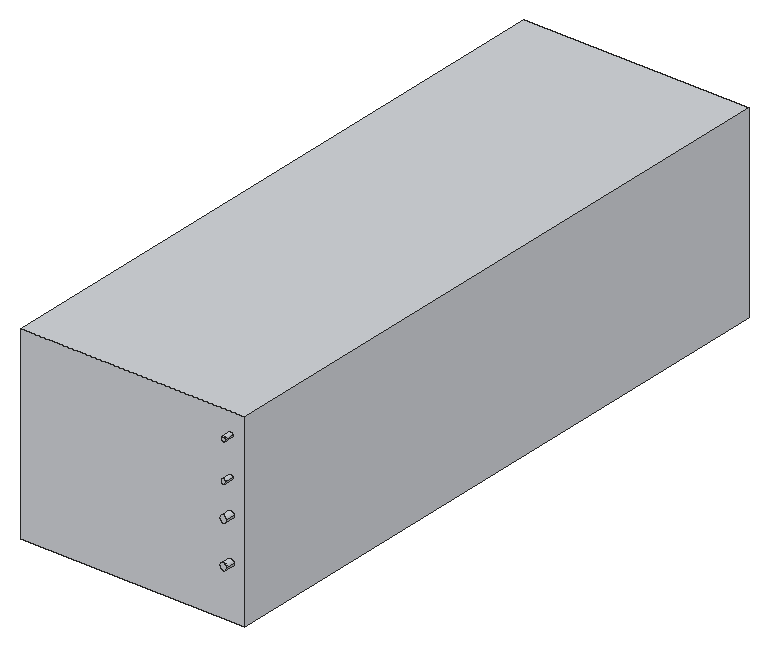
Revit family "1862dedc6857480a9a1291c79c3aff86", category Mechanical Equipment, Revit 2021
Family settings
  Round Connector Dimension = Use Radius
  Part Type = Normal
  OmniClass Number = 23.75.10.21.17
  OmniClass Title = Water-Source Heat Pumps
  Seek Item ID = WSHP - Horizontal - High Efficiency - 2-5 Tons - Left Return - Back Discharge-0000-USA-ENU
  Work Plane-Based = No
  Always vertical = Yes
  Cut with Voids When Loaded = No
  Shared = No
  Room Calculation Point = No
Parameters (values of type "3 Tons")
  Water Supply Radius = 3/8"
  Water Supply Diameter = Water Supply Radius * 2  # 3/4"
  Water Return Radius = 3/8"
  Water Return Diameter = Water Return Radius * 2  # 3/4"
  Water Pressure Drop [instance] = 4.50 psi
  Water Flow [instance] = 9 GPM
  Voltage = 208 V
  Supply Air Width = 17 1/2"
  Supply Air Height = 19"
  Return Air Height = 19 77/256"
  Return Air Width = 36 13/128"
  Pump Width = 5' - 11 51/256"
  Pump Material = none
  Pump Length = 2' - 1 51/128"
  Pump Height = 1' - 9 77/256"
  Number of Poles = 3
  Load Classification = Cooling
  Hot Water Supply Radius = 1/4"
  Hot Water Supply Diameter = Hot Water Supply Radius * 2  # 1/2"
  Hot Water Return Radius = 1/4"
  Hot Water Return Diameter = Hot Water Return Radius * 2  # 1/2"
  Hot Water Flow [instance] = 8 GPM
  Default Elevation = 0' - 0"
  Condensate Radius = 3/8"
  Drain Flow [instance] = 0 GPM
  Condensate Diameter = Condensate Radius * 2  # 3/4"
  C6 Offset 1 = 0' - 2 51/256"
  C5 Offset 2 = 0' - 3 13/128"
  C5 Offset 1 = 0' - 1"
  C4 Offset 1 = 1' - 2 77/128"
  C3 Offset 1 = 1' - 6 115/128"
  C2 Offset 1 = 0' - 10 205/256"
  C1 Offset 1 = 0' - 5 123/128"
  Apparent Load = 5283 VA
  External Static Pressure [instance] = 0.60 in-wg
  Air Flow [instance] = 1200 CFM
Types (5): name | Water Supply Radius | Water Supply Diameter | Water Return Radius | Water Return Diameter | Water Pressure Drop | Water Flow | Supply Air Width | Supply Air Height | Return Air Height | Return Air Width | Pump Width | Pump Length | Pump Height | Hot Water Flow | C5 Offset 2 | C5 Offset 1 | C4 Offset 1 | C3 Offset 1 | C2 Offset 1 | C1 Offset 1 | Apparent Load | External Static Pressure | Air Flow
  (no name) | 3/8" | 3/4" | 3/8" | 3/4" | 4.50 psi | 9 GPM | 17 1/2" | 19" | 19 77/256" | 36 13/128" | 5' - 11 51/256" | 2' - 1 51/128" | 1' - 9 77/256" | 8 GPM | 0' - 3 13/128" | 0' - 1" | 1' - 2 77/128" | 1' - 6 115/128" | 0' - 10 205/256" | 0' - 5 123/128" | 5283 VA | 0.60 in-wg | 1200 CFM
  2 Tons | 3/8" | 3/4" | 3/8" | 3/4" | 3.50 psi | 8 GPM | 15 1/2" | 12 1/2" | 17 77/256" | 32 13/128" | 5' - 2 51/256" | 1' - 10 51/128" | 1' - 7 77/256" | 5 GPM | 0' - 3 77/128" | 0' - 2" | 1' - 1 115/128" | 1' - 4 115/128" | 0' - 10" | 0' - 2 13/128" | 3952 VA | 0.60 in-wg | 800 CFM
  3 Tons | 3/8" | 3/4" | 3/8" | 3/4" | 4.50 psi | 9 GPM | 17 1/2" | 19" | 19 77/256" | 36 13/128" | 5' - 11 51/256" | 2' - 1 51/128" | 1' - 9 77/256" | 8 GPM | 0' - 3 13/128" | 0' - 1" | 1' - 2 77/128" | 1' - 6 115/128" | 0' - 10 205/256" | 0' - 5 123/128" | 5283 VA | 0.60 in-wg | 1200 CFM
  4 Tons | 1/2" | 1" | 1/2" | 1" | 3.60 psi | 12 GPM | 17 1/2" | 19" | 19 77/256" | 41 13/128" | 6' - 4 51/256" | 2' - 1 51/128" | 1' - 9 77/256" | 10 GPM | 0' - 3 13/128" | 0' - 1" | 1' - 3 77/128" | 1' - 6 115/128" | 0' - 10 205/256" | 0' - 5 123/128" | 6780 VA | 0.80 in-wg | 1600 CFM
  5 Tons | 1/2" | 1" | 1/2" | 1" | 3.60 psi | 15 GPM | 17 1/2" | 19" | 19 77/256" | 46 13/128" | 6' - 9 51/256" | 2' - 1 51/128" | 1' - 9 77/256" | 13 GPM | 0' - 3 13/128" | 0' - 1" | 1' - 3 77/128" | 1' - 6 115/128" | 0' - 10 205/256" | 0' - 5 123/128" | 7696 VA | 0.80 in-wg | 2000 CFM
Reference planes (in)
  plane 1 "Center (Front/Back)": y = 0
  plane 2: z = 0
  plane 3 "Center (Left/Right)": x = 0
  plane 4: y = 71.19922
  plane 5: x = 25.39844
  plane 6: z = 21.30078
  plane 7: y = 69
  plane 8: y = 32.89844
  plane 9: z = 10.65039
  plane 10: z = 20.30078
  plane 11: z = 1
  plane 12: x = -1
  plane 13: x = 20.60156
  plane 14: x = 3.10156
  plane 15: z = 1
  plane 16: z = 20
  plane 17: y = 72.19922
  plane 18: z = 3.4
  plane 19: z = 3.4
  plane 20: x = 23.14844
  plane 21: z = 16.30078
  plane 22: x = 1.6
  plane 23: x = 23.79844
  plane 24: z = 5.96094
  plane 25: z = 10.80078
  plane 26: z = 14.60156
  plane 27: z = 18.89844
  plane 28: y = -1
Forms (in)
  Extrusion 1, solid, material <- "Pump Material"
    sketch origin (0, 0, 0) x (1, 0, 0) y (0, 1, 0)
      loop
        line (0, 0) -> (25.39844, 0) -> (25.39844, 71.19922) -> (0, 71.19922) -> (0, 0)
    from 0 to 21.30078
  Extrusion 2, solid, material <- "Pump Material"
    sketch origin (0, 0, 0) x (0, 1, 0) y (0, 0, 1)
      loop
        line (69, 1) -> (69, 20.30078) -> (32.89844, 20.30078) -> (32.89844, 1) -> (69, 1)
    from -1 to 0
  Extrusion 3, solid, material <- "Pump Material"
    sketch origin (0, 0, 0) x (1, 0, 0) y (0, 0, 1)
      loop
        line (20.60156, 20) -> (3.10156, 20) -> (3.10156, 1) -> (20.60156, 1) -> (20.60156, 20)
    from -72.19922 to -71.19922
  Extrusion 4, solid, material <- "Pump Material"
    sketch origin (0, 0, 0) x (1, 0, 0) y (0, 0, 1)
      loop
        circle (23.14844, 3.4) r 0.375
    from -72.19922 to -71.19922
  Extrusion 5, solid, material <- "Pump Material"
    sketch origin (0, 0, 0) x (1, 0, 0) y (0, 0, 1)
      loop
        circle (1.6, 16.30078) r 1
    from -2.46248 to 0
  Extrusion 6, solid, material <- "Pump Material"
    sketch origin (0, 0, 0) x (1, 0, 0) y (0, 0, 1)
      loop
        circle (23.79844, 5.96094) r 0.375
    from 0 to 1
  Extrusion 7, solid, material <- "Pump Material"
    sketch origin (0, 0, 0) x (1, 0, 0) y (0, 0, 1)
      loop
        circle (23.79844, 10.80078) r 0.375
    from 0 to 1
  Extrusion 8, solid, material <- "Pump Material"
    sketch origin (0, 0, 0) x (1, 0, 0) y (0, 0, 1)
      loop
        circle (23.79844, 14.60156) r 0.25
    from 0 to 1
  Extrusion 9, solid, material <- "Pump Material"
    sketch origin (0, 0, 0) x (1, 0, 0) y (0, 0, 1)
      loop
        circle (23.79844, 18.89844) r 0.25
    from 0 to 1
Cuts and joins
  joined: Extrusion 1, Extrusion 2, Extrusion 3, Extrusion 4, Extrusion 5, Extrusion 6, Extrusion 7, Extrusion 8, Extrusion 9
Dimensions and locks (in)
  "Pump Width": plane 4 to plane 1 "Center (Front/Back)"
  "Pump Length": plane 3 "Center (Left/Right)" to plane 5
  "Pump Height": plane 6 to level
  "C6 Offset 1": plane 4 to plane 7
  "Return Air Width": plane 7 to plane 8
  equal spacing: plane 11, plane 9, plane 10
  "Return Air Height": plane 11 to plane 10
  locked: plane 12 to Extrusion 1 at 1
  "C5 Offset 1": level to plane 15
  "Supply Air Height": plane 15 to plane 16
  "C5 Offset 2": plane 3 "Center (Left/Right)" to plane 14
  "Supply Air Width": plane 14 to plane 13
  locked: plane 17 to plane 4 at 1
  locked: plane 2 to plane 19 at 3.4
  locked: plane 5 to plane 20 at 2.25
  locked: plane 22 to plane 3 "Center (Left/Right)" at 1.6
  locked: plane 6 to plane 21 at 5
  locked: plane 23 to plane 5 at 1.6
  "C1 Offset 1": plane 24 to plane 2
  "C2 Offset 1": plane 25 to level
  "C4 Offset 1": plane 26 to level
  "C3 Offset 1": plane 27 to level
  locked: plane 28 to plane 1 "Center (Front/Back)" at 1
  equal spacing: plane 6, plane 9, level
  "Condensate Radius": radius of Extrusion 4 sketch curve
  radius of Extrusion 5 sketch curve = 0' - 1"
  "Water Supply Radius": radius of Extrusion 6 sketch curve
  "Water Return Radius": radius of Extrusion 7 sketch curve
  "Hot Water Return Radius": radius of Extrusion 8 sketch curve
  "Hot Water Supply Radius": radius of Extrusion 9 sketch curve
  aligned and locked: plane 3 "Center (Left/Right)" to Extrusion 1 sketch curve
  aligned and locked: plane 1 "Center (Front/Back)" to Extrusion 1 sketch curve
  aligned and locked: plane 4 to Extrusion 1 sketch curve
  aligned and locked: plane 5 to Extrusion 1 sketch curve
  aligned and locked: plane 6 to Extrusion 1
  aligned and locked: plane 7 to Extrusion 2 sketch curve
  aligned and locked: Extrusion 2 sketch curve to plane 11
  aligned and locked: plane 10 to Extrusion 2 sketch curve
  aligned and locked: Extrusion 2 sketch curve to plane 8
  aligned and locked: Extrusion 2 to plane 12
  aligned and locked: plane 3 "Center (Left/Right)" to Extrusion 2
  aligned and locked: Extrusion 1 to level
  aligned and locked: plane 13 to Extrusion 3 sketch curve
  aligned and locked: plane 16 to Extrusion 3 sketch curve
  aligned and locked: plane 15 to Extrusion 3 sketch curve
  aligned and locked: plane 14 to Extrusion 3 sketch curve
  aligned and locked: plane 17 to Extrusion 3
  aligned and locked: Extrusion 3 to plane 4
  aligned and locked: Extrusion 4 to Extrusion 3
  aligned and locked: Extrusion 4 to plane 4
  aligned and locked: plane 19 to Extrusion 4 sketch curve
  aligned and locked: plane 20 to Extrusion 4 sketch curve
  aligned and locked: plane 21 to Extrusion 5 sketch curve
  aligned and locked: plane 22 to Extrusion 5 sketch curve
  aligned and locked: plane 24 to Extrusion 6 sketch curve
  aligned and locked: plane 23 to Extrusion 6 sketch curve
  aligned and locked: plane 23 to Extrusion 7 sketch curve
  aligned and locked: plane 25 to Extrusion 7 sketch curve
  aligned and locked: plane 23 to Extrusion 8 sketch curve
  aligned and locked: plane 26 to Extrusion 8 sketch curve
  aligned and locked: plane 23 to Extrusion 9 sketch curve
  aligned and locked: plane 27 to Extrusion 9 sketch curve
  aligned and locked: Extrusion 9 to plane 28
  aligned and locked: Extrusion 8 to Extrusion 9
  aligned and locked: Extrusion 7 to Extrusion 8
  aligned and locked: Extrusion 6 to Extrusion 7  (x2)
  aligned and locked: Extrusion 6 to plane 1 "Center (Front/Back)"
  aligned and locked: Extrusion 6 to Extrusion 1
  aligned and locked: Extrusion 9 to plane 1 "Center (Front/Back)"
Connectors (in)
  piping at (23.79844, -1, 5.96094), diameter 0.75, driven by "Water Supply Radius", driven by "Water Flow"
    settings: on Extrusion 6, index 1, connector inside diameter 3/4", connector length 0' - 0", flow factor 0, pipe flow 9 GPM, pressure drop 0.00 psi, fitting loss kfactor 0, connector angle 0.00°, fixture units 0, engagement length 0' - 0", angle of deflection 0.00°, flow configuration 1, flow direction 1, fitting loss method 0, system type 7, joint type 0, gender type 0, connector reference index 2, connector utility 0, adjustable connector no, is connector primary yes, connector description "Water Supply In"
  piping at (23.79844, -1, 10.80078), diameter 0.75, driven by "Water Return Radius", driven by "Water Flow", driven by "Water Pressure Drop"
    settings: on Extrusion 7, index 2, connector inside diameter 3/4", connector length 0' - 0", flow factor 0, pipe flow 9 GPM, pressure drop 4.50 psi, fitting loss kfactor 0, connector angle 0.00°, fixture units 0, engagement length 0' - 0", angle of deflection 0.00°, flow configuration 1, flow direction 2, fitting loss method 4, system type 8, joint type 0, gender type 0, connector reference index 1, connector utility 0, adjustable connector no, is connector primary no, connector description "Water Return Out"
  piping at (23.79844, -1, 18.89844), diameter 0.5, driven by "Hot Water Flow", driven by "Hot Water Supply Radius"
    settings: on Extrusion 9, index 3, connector inside diameter 1/2", connector length 0' - 0", flow factor 0, pipe flow 8 GPM, pressure drop 0.00 psi, fitting loss kfactor 0, connector angle 0.00°, fixture units 0, engagement length 0' - 0", angle of deflection 0.00°, flow configuration 0, flow direction 2, fitting loss method 0, system type 7, joint type 0, gender type 0, connector reference index 4, connector utility 0, adjustable connector no, is connector primary no, connector description "Hot Water Supply Out"
  piping at (23.79844, -1, 14.60156), diameter 0.5, driven by "Hot Water Return Radius", driven by "Hot Water Flow"
    settings: on Extrusion 8, index 4, connector inside diameter 1/2", connector length 0' - 0", flow factor 0, pipe flow 8 GPM, pressure drop 0.00 psi, fitting loss kfactor 0, connector angle 0.00°, fixture units 0, engagement length 0' - 0", angle of deflection 0.00°, flow configuration 0, flow direction 1, fitting loss method 0, system type 8, joint type 0, gender type 0, connector reference index 3, connector utility 0, adjustable connector no, is connector primary no, connector description "Hot Water Return In"
  hvac at (11.85156, 72.19922, 10.5), driven by "Air Flow", driven by "Supply Air Width", driven by "Supply Air Height"
    settings: on Extrusion 3, index 5, duct flow 1200 CFM, flow factor 0, pres drop 0.00 in-wg, loss coef 0, conn angle 0.00°, conn width 17 1/2", conn height 19", conn diameter 24", duct sys type 1, conn prof type 1, flow config 0, flow direction 2, loss method 0, conn ref index 6, conn util no, is conn primary yes, conn desc ""
  hvac at (-1, 50.94922, 10.65039), driven by "Air Flow", driven by "Return Air Height", driven by "Return Air Width"
    settings: on Extrusion 2, index 6, duct flow 1200 CFM, flow factor 0, pres drop 0.00 in-wg, loss coef 0, conn angle 0.00°, conn width 36 13/128", conn height 19 77/256", conn diameter 24", duct sys type 2, conn prof type 1, flow config 0, flow direction 1, loss method 0, conn ref index 5, conn util no, is conn primary no, conn desc ""
  piping at (23.14844, 72.19922, 3.4), diameter 0.75, driven by "Drain Flow", driven by "Condensate Radius"
    settings: on Extrusion 4, index 7, connector inside diameter 3/4", connector length 0' - 0", flow factor 0, pipe flow 0 GPM, pressure drop 0.00 psi, fitting loss kfactor 0, connector angle 0.00°, fixture units 0, engagement length 0' - 0", angle of deflection 0.00°, flow configuration 1, flow direction 2, fitting loss method 0, system type 16, joint type 0, gender type 0, connector reference index -1, connector utility 0, adjustable connector yes, is connector primary no, connector description "Condensate Out"
  electrical at (1.6, 0, 16.30078), driven by "Apparent Load", driven by "Voltage", driven by "Number of Poles", driven by "Load Classification"
    settings: on Extrusion 5, index 8, voltage 208 V, apparent load 5283 VA, apparent load phase1 0 VA, apparent load phase2 0 VA, apparent load phase3 0 VA, power factor 0.8, load classification "Cooling", number of poles 3, system type 30, power factor state 1, is connector primary yes, connector utility no, sub classification motor no, connector description ""
